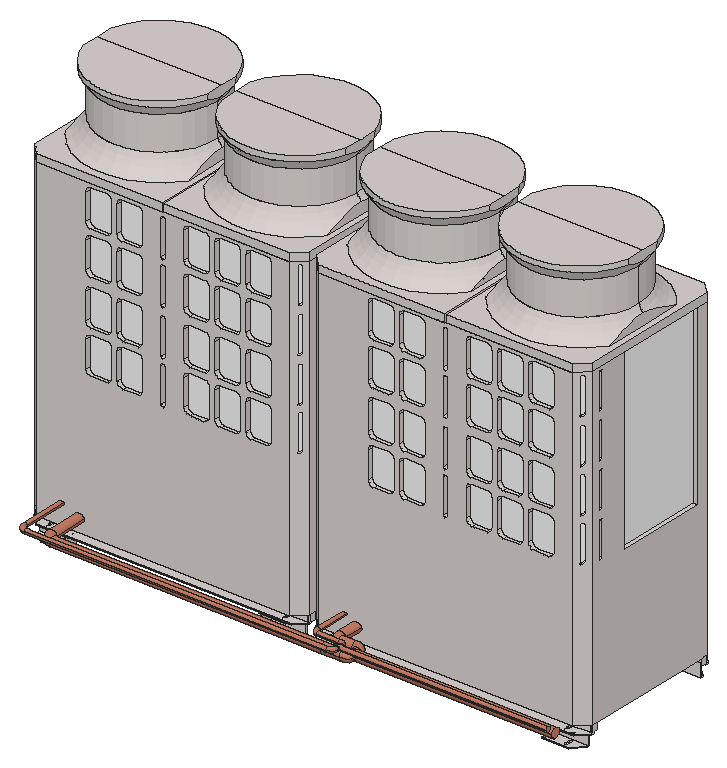
Revit family "PUHY-EP900YSNW-A", category Mechanical Equipment, Revit 2012 (continued)
Definition of nested family "PUHY-EP450YNW-A"
  Dimensions and locks
    cut or joined group 1 (Extrusion 1, Extrusion 2, Extrusion 3, Extrusion 4, Extrusion 5, Extrusion 6, Extrusion 7, Extrusion 8, Extrusion 9, Extrusion 10, Extrusion 11, Extrusion 12, Extrusion 13, Extrusion 14, Extrusion 15, Extrusion 16, Extrusion 17, Extrusion 18, Extrusion 19, Extrusion 20, Extrusion 21, Extrusion 22, Extrusion 23, Extrusion 24, Extrusion 25, Extrusion 26, Extrusion 27, Extrusion 28, Extrusion 29, Extrusion 30, Extrusion 31, Extrusion 32, Extrusion 33) to plane 19 "132" = 132 mm
    cut or joined group 1 to plane 22 = 207 mm
    cut or joined group 1 to plane 23 = 256 mm
    cut or joined group 1 to plane 6 = 60 mm
    cut or joined group 1 to cut or joined group 1 = 42.154 mm
    cut or joined group 1 to cut or joined group 1 = 11.895 mm
    nested 1 to nested 3 to level = 1798 mm, 60 mm
    nested 1 to nested 1 = 303 mm
    nested 1 to nested 3 = 1495 mm
    nested 8 to nested 8 to nested 8 to nested 7 to nested 7 to nested 7 = 54 mm, 20 mm, 592 mm, 20 mm, 54 mm
    nested 3 to nested 3 = 56 mm
    plane 11 to plane 31 to plane 32 to cut or joined group 1 = 90 mm, 1060 mm, 90 mm
    curve 103 to nested 7 = 90 mm
    curve 104 to nested 7 = 125 mm
    curve 101 to nested 7 = 100 mm
    curve 11 to curve 13 to nested 7 = 84 mm, 71 mm
    cut or joined group 1 to curve 12 to curve 14 = 125 mm, 148 mm
    nested 2 to nested 7 = 1495 mm
    curve 87 to cut or joined group 1 = 152 mm
    curve 88 to cut or joined group 1 = 172 mm
    curve 89 to cut or joined group 1 = 216 mm
    cut or joined group 1 to curve 4 to curve 2 = 128 mm, 150 mm
    cut or joined group 1 to curve 1 to curve 3 = 79 mm, 94 mm
    Extrusion 32 sketch curve to nested 7 = 116 mm
    cut or joined group 1 to Extrusion 32 sketch curve = 160 mm
    cut or joined group 1 to Extrusion 33 sketch curve = 243 mm
    Extrusion 33 sketch curve to nested 7 = 116 mm
    aligned and locked: level to plane 2
    aligned and locked: Extrusion 1 to plane 4
  Nested families
    nested 1: "FAN GUARD" at (-311.5, 2, 860), type "FAN GUARD"
      with WIDTH 870 mm
    nested 2: "FAN GUARD" at (311.5, 2, 860) x (-1, 0, 0) z (0, 0, 1), type "FAN GUARD"
      with WIDTH 870 mm
    nested 3: "ATTACHMENT LEG" at (-524, -349, 0), type "ATTACHMENT LEG"
    nested 4: "ATTACHMENT LEG" at (-524, 349, 0), type "ATTACHMENT LEG"
    nested 5: "ATTACHMENT LEG" at (524, -349, 0) x (-1, 0, 0) z (0, 0, 1), type "ATTACHMENT LEG"
    nested 6: "ATTACHMENT LEG" at (524, 349, 0) x (-1, 0, 0) z (0, 0, 1), type "ATTACHMENT LEG"
    nested 7: "BASE LEG_L_" at (0, -352, 60), type "BASE LEG_L_"
      with Width 1240 mm
    nested 8: "BASE LEG_L_" at (0, 352, 60), type "BASE LEG_L_"
      with Width 1240 mm
  Connectors
    piping at (-460, -191, 176), driven by "Liquid pipe_radius"
      settings: on cut or joined group 1, index 3, connector radius 12.7 mm, flow factor 0, pipe flow 0.0 L/s, pressure drop 0.0 Pa, fitting loss kfactor 0, connector angle 0.00°, fixture units 0, engagement length 0 mm, flow configuration 0, flow direction 0, fitting loss method 0, system type 22, joint type 0, gender type 0, connector reference index -1, connector utility 0, adjustable connector no, is connector primary yes, fitting loss table "", connector description "Refrigerant service valve<Liquid pipe>"
    piping at (-377, -191, 176), driven by "Gas pipe_radius"
      settings: on cut or joined group 1, index 4, connector radius 14.29 mm, flow factor 0, pipe flow 0.0 L/s, pressure drop 0.0 Pa, fitting loss kfactor 0, connector angle 0.00°, fixture units 0, engagement length 0 mm, flow configuration 0, flow direction 0, fitting loss method 0, system type 22, joint type 0, gender type 0, connector reference index -1, connector utility 0, adjustable connector no, is connector primary no, fitting loss table "", connector description "Refrigerant service valve<Gas>"
    electrical at (0, -370, 808)
      settings: on cut or joined group 1, index 5, voltage 0 V, apparent load 0 VA, apparent load phase1 0 VA, apparent load phase2 0 VA, apparent load phase3 0 VA, power factor 1, load classification "HVAC", number of poles 1, system type 30, power factor state 1, is connector primary yes, connector utility no, sub classification motor no, connector description ""
  Definition of nested family "FAN GUARD"
    Parameters (values of type "FAN GUARD")
      WIDTH [instance] = 870 mm
    Reference planes
      plane 1 "中心(正面/背面)": y = -2
      plane 2: z = 0
      plane 3 "ファンガード基準面": z = 661
      plane 4: y = 368
      plane 5: x = 366
      plane 6: x = -375
      plane 7 "ファンガード基準上面": z = 695
      plane 8 "ファンガード上面": z = 998
      plane 9: x = -273.971
      plane 10: x = 308.5
      plane 11: x = -308.5
      plane 12: x = 0
    Forms (mm)
      Extrusion 1, solid, material "Paint_5Y 8/1"
        sketch origin (85, 0, 661) x (-1, 0, 0) y (0, -1, 0)
          loop
            line (343.5, -368) -> (393.5, -318) -> (393.5, 322) -> (343.5, 372) -> (-223.5, 372) -> (-223.5, -368) -> (343.5, -368)
        from 0 to 34
      Revolve 2, solid, material "Paint_5Y 8/1"
        sketch origin (0, -2, 0) x (1, 0, 0) y (0, 0, 1)
          loop
            line (0, 695) -> (0, 998) -> (-290, 998) -> (-290, 972.327) -> (-260, 928.372) -> (-260, 777.384)
            arc (-260, 777.384) -> (-290.651, 730.137) -> (-334.665, 695) r 175.882
            line (-334.665, 695) -> (0, 695)
          axis (0, 998) -> (0, 695)
        angle from 0 to 360
      Extrusion 3, void
        sketch origin (-840, 75, 695) x (-1, 0, 0) y (0, -1, 0)
          loop
            line (-410, -165) -> (-410, 315) -> (-561.253, 315) -> (-561.253, -165) -> (-410, -165)
        from -35 to 430.592
      Extrusion 4, void
        sketch origin (840, 75, 695) x (1, 0, 0) y (0, 1, 0)
          loop
            line (-410, 165) -> (-561.253, 165) -> (-561.253, -315) -> (-410, -315) -> (-410, 165)
        from 0 to 430.592
    Cuts and joins
      Extrusion 3, Extrusion 4 cuts Revolve 2
      Extrusion 4 cuts Extrusion 1
    Lines and regions (mm)
      model lines
        curve 1: line (-278.747, 0, 998) -> (-80, 0, 998)
        curve 2: line (80, 0, 998) -> (278.747, 0, 998)
        curve 3: circle (0, 0, 998) r 80 normal (0, 0, 1)
        curve 4: line (-278.747, -80, 998) -> (278.747, -80, 998)
        curve 5: line (-241.868, -160, 998) -> (241.868, -160, 998)
        curve 6: line (-162.788, -240, 998) -> (162.788, -240, 998)
        curve 7: line (-278.747, 80, 998) -> (278.747, 80, 998)
        curve 8: line (-241.868, 160, 998) -> (240, 160, 998)
        curve 9: line (-160, 240, 998) -> (162.788, 240, 998)
        curve 10: line (0, 290, 998) -> (0, -290, 998)
        curve 11: line (-20, 289.31, 998) -> (-20, -289.31, 998)
        curve 12: line (-40, 287.228, 998) -> (-40, -287.228, 998)
        curve 13: line (-60, 283.725, 998) -> (-60, -283.725, 998)
        curve 14: line (-80, 278.747, 998) -> (-80, -278.747, 998)
        curve 15: line (20, 289.31, 998) -> (20, -289.31, 998)
        curve 16: line (40, 287.228, 998) -> (40, -287.228, 998)
        curve 17: line (60, 283.725, 998) -> (60, -283.725, 998)
        curve 18: line (80, 278.747, 998) -> (80, -278.747, 998)
        curve 19: line (100, 272.213, 998) -> (100, -272.213, 998)
        curve 20: line (120, 264.008, 998) -> (120, -264.008, 998)
        curve 21: line (140, 253.969, 998) -> (140, -253.969, 998)
        curve 22: line (160, 241.868, 998) -> (160, -243.132, 998)
        curve 23: line (180, 227.376, 998) -> (180, -227.624, 998)
        curve 24: line (200, 210, 998) -> (200, -210, 998)
        curve 25: line (220, 188.944, 998) -> (220, -188.944, 998)
        curve 26: line (240, 160, 998) -> (240, -162.788, 998)
        curve 27: line (260, 128.452, 998) -> (260, -128.452, 998)
        curve 28: line (-100, 272.213, 998) -> (-100, -272.213, 998)
        curve 29: line (-120, 264.008, 998) -> (-120, -264.008, 998)
        curve 30: line (-140, 253.969, 998) -> (-140, -253.969, 998)
        curve 31: line (-160, 240, 998) -> (-160, -241.868, 998)
        curve 32: line (-180, 227.376, 998) -> (-180, -227.376, 998)
        curve 33: line (-200, 210, 998) -> (-200, -210, 998)
        curve 34: line (-220, 188.944, 998) -> (-220, -188.944, 998)
        curve 35: line (-240, 162.788, 998) -> (-240, -162.788, 998)
        curve 36: line (-260, 128.452, 998) -> (-260, -128.452, 998)
        curve 37: line (10, 79.373, 998) -> (10, -79.373, 998)
        curve 38: line (-10, 79.373, 998) -> (-10, -79.373, 998)
        curve 39: line (30, 74.162, 998) -> (30, -74.162, 998)
        curve 40: line (50, 62.45, 998) -> (50, -62.45, 998)
        curve 41: line (70, 38.73, 998) -> (70, -38.73, 998)
        curve 42: line (-30, 74.162, 998) -> (-30, -74.162, 998)
        curve 43: line (-50, 62.45, 998) -> (-50, -62.45, 998)
        curve 44: line (-70, 38.73, 998) -> (-70, -38.73, 998)
    Dimensions and locks
      locked: plane 8 "ファンガード上面" to plane 7 "ファンガード基準上面" at 303
      plane 8 "ファンガード上面" to plane 3 "ファンガード基準面" = 337 mm
      Revolve 2 sketch curve to Revolve 2 sketch curve = 290 mm
      Extrusion 1 sketch curve to Extrusion 1 sketch curve = 740 mm
      equal spacing: Extrusion 1 sketch curve, plane 1 "中心(正面/背面)", Extrusion 1 sketch curve
      plane 6 to plane 5 = 741 mm
      Extrusion 1 sketch curve to Extrusion 1 sketch curve = 617 mm
      plane 11 to plane 10 = 617 mm
      cut or joined group of Extrusion 1, Extrusion 4 to cut or joined group of Extrusion 1, Extrusion 4 = 617 mm
      cut or joined group of Extrusion 1, Extrusion 4 to cut or joined group of Extrusion 1, Extrusion 4 = 740 mm
      aligned and locked: level to plane 2
      aligned and locked: plane 7 "ファンガード基準上面" to Extrusion 1
      aligned and locked: plane 3 "ファンガード基準面" to Extrusion 1
      aligned and locked: cut or joined group of Revolve 2, Extrusion 3, Extrusion 4 to plane 8 "ファンガード上面"
  Definition of nested family "ATTACHMENT LEG"
    Parameters (values of type "ATTACHMENT LEG")
      Width = 145 mm
    Reference planes
      plane 1: z = 0
      plane 2 "中心(左/右)": x = -6
      plane 3: x = -52
      plane 4: x = 85
      plane 5: x = 93
      plane 6: y = -21
      plane 7: y = 27
      plane 8: x = -30
      plane 9: y = 39
      plane 10: z = 60
      plane 11: z = 57
      plane 12: z = 3
      plane 13: x = 82
      plane 14: y = 36
      plane 15: x = -75
      plane 16: y = 31
      plane 17 "幅": x = 93
      plane 18: y = 2.5
      plane 19: y = 21
      plane 20: y = -10
    Forms (mm)
      Extrusion 1, solid, material "Paint_5Y 8/1"
        sketch origin (0, -1, 0) x (1, 0, 0) y (0, 1, 0)
          loop
            line (-75, 36) -> (-75, 27) -> (-28, -20) -> (93, -20) -> (93, 32) -> (85, 32) -> (85, 36) -> (-75, 36)
        from 0 to 60
      Extrusion 2, void
        sketch origin (0, -3, 0) x (1, 0, 0) y (0, 0, 1)
          loop
            line (-75, 57) -> (-75, 3) -> (82, 3) -> (82, 57) -> (-75, 57)
          loop
            line (93, 57) -> (85, 57) -> (85, 3) -> (93, 3) -> (93, 57)
        from -35 to 18
      Extrusion 3, void
        sketch origin (-6, 5.5, 0) x (1, 0, 0) y (0, 1, 0)
          loop
            arc (-7, -8.5) -> (0, -15.5) -> (7, -8.5) r 7
            line (7, -8.5) -> (7, 8.5)
            arc (7, 8.5) -> (0, 15.5) -> (-7, 8.5) r 7
            line (-7, 8.5) -> (-7, -8.5)
        from 0 to 60
    Cuts and joins
      Extrusion 2, Extrusion 3 cuts Extrusion 1
    Dimensions and locks
      locked: plane 3 to plane 4 at 137
      locked: plane 3 to plane 5 at 145
      plane 6 to plane 7 = 48 mm
      locked: plane 10 to level at 60
      Extrusion 3 sketch curve to plane 2 "中心(左/右)" = 7 mm
      locked: plane 15 to plane 2 "中心(左/右)" at 69
      locked: plane 15 to plane 8 at 45
      locked: plane 6 to plane 18 at 23.5
      cut or joined group of Extrusion 1, Extrusion 2, Extrusion 3 to cut or joined group of Extrusion 1, Extrusion 2, Extrusion 3 = 168 mm
      cut or joined group of Extrusion 1, Extrusion 2, Extrusion 3 to cut or joined group of Extrusion 1, Extrusion 2, Extrusion 3 = 56 mm  (x2)
      plane 14 to plane 6 = 57 mm
      aligned and locked: level to plane 1
      aligned and locked: Extrusion 1 sketch curve to plane 4
      aligned and locked: Extrusion 1 sketch curve to plane 5
      aligned: plane 8 to Extrusion 1 sketch curve
      aligned and locked: plane 10 to Extrusion 1
      aligned and locked: Extrusion 2 sketch curve to plane 11
      aligned: plane 3 to Extrusion 2 sketch curve
      aligned and locked: plane 12 to Extrusion 2 sketch curve
      aligned and locked: Extrusion 2 sketch curve to plane 13
      aligned and locked: plane 6 to Extrusion 2
      aligned and locked: plane 11 to Extrusion 2 sketch curve
      aligned and locked: plane 5 to Extrusion 2 sketch curve
      aligned and locked: Extrusion 2 sketch curve to plane 12
      aligned and locked: Extrusion 2 sketch curve to plane 4
      aligned and locked: plane 15 to Extrusion 1 sketch curve
      aligned and locked: Extrusion 2 sketch curve to cut or joined group of Extrusion 1, Extrusion 2, Extrusion 3
      aligned and locked: Extrusion 1 to plane 16
  Definition of nested family "BASE LEG_L_"
    Parameters (values of type "BASE LEG_L_")
      Width [instance] = 1240 mm
    Reference planes
      plane 1 "中心(正面/背面)": y = 0
      plane 2: z = 0
      plane 3 "中心(左/右)": x = 0
      plane 4: x = 620
      plane 5: x = -620
      plane 6: x = -530
      plane 7: x = 530
      plane 8: y = -18
      plane 9: y = 39
      plane 10: z = 53
      plane 11: y = 42
      plane 12: y = 27
      plane 13: x = 575
      plane 14: x = -575
      plane 15: z = 8
      plane 16: y = 11.5
      plane 17: z = 35
    Forms (mm)
      Extrusion 1, solid, material "Paint_5Y 8/1"
        sketch origin (0, 0, 0) x (0, 1, 0) y (0, 0, 1)
          loop
            line (-18, 0) -> (36, 0) -> (36, 32) -> (56, 32) -> (56, 35) -> (33, 35) -> (33, 3) -> (-18, 3) -> (-18, 0)
        from -620 to 620
      Extrusion 2, void
        sketch origin (0, 0, 0) x (1, 0, 0) y (0, 1, 0)
          loop
            line (575, -18) -> (620, -18) -> (620, 27) -> (575, -18)
          loop
            line (-575, -18) -> (-620, 27) -> (-620, -18) -> (-575, -18)
        from 0 to 250
      Extrusion 3, void
        sketch origin (0, 12.023, 0) x (1, 0, 0) y (0, 1, 0)
          loop
            arc (523, -2.971) -> (530, -9.971) -> (537, -2.971) r 7
            line (537, -2.971) -> (537, 3.023)
            arc (537, 3.023) -> (530, 10.023) -> (523, 3.023) r 7
            line (523, 3.023) -> (523, -2.971)
          loop
            line (-523, -2.971) -> (-523, 3.023)
            arc (-523, 3.023) -> (-530, 10.023) -> (-537, 3.023) r 7
            line (-537, 3.023) -> (-537, -2.971)
            arc (-537, -2.971) -> (-530, -9.971) -> (-523, -2.971) r 7
        from 0 to 250
      Extrusion 4, solid, material "Paint_5Y 8/1"
        sketch origin (0, 0, -3) x (1, 0, 0) y (0, 0, 1)
          loop
            line (617, 8) -> (620, 8) -> (620, 35) -> (617, 35) -> (617, 8)
          loop
            line (-617, 8) -> (-617, 35) -> (-620, 35) -> (-620, 8) -> (-617, 8)
        from -36 to -56
      Extrusion 5, solid, material "Paint_5Y 8/1"
        sketch origin (150, 352, 0) x (1, 0, 0) y (0, 1, 0)
          loop
            line (460, -319) -> (455, -319) -> (455, -320) -> (405, -370) -> (410, -370) -> (460, -320) -> (460, -319)
        from 3 to 35
      Extrusion 6, void
        sketch origin (560, -18, 0) x (0.707107, 0.707107, 0) y (0, 0, 1)
          loop
            line (70.711, 3) -> (-6.741, 39.767) -> (-6.741, 3) -> (70.711, 3)
        from -190.256 to 23.776
      Extrusion 7, solid, material "Paint_5Y 8/1"
        sketch origin (-150, 352, 0) x (-1, 0, 0) y (0, -1, 0)
          loop
            line (460, 319) -> (460, 320) -> (410, 370) -> (405, 370) -> (455, 320) -> (455, 319) -> (460, 319)
        from 3 to 35
      Extrusion 8, void
        sketch origin (-560, -18, 0) x (0.707107, -0.707107, 0) y (0, 0, -1)
          loop
            line (-70.711, -3) -> (0, -35) -> (6.741, -35) -> (6.741, -3) -> (-70.711, -3)
        from -190.256 to 23.776
    Cuts and joins
      Extrusion 2, Extrusion 3 cuts Extrusion 1
      joined: Extrusion 1, Extrusion 4
      Extrusion 8 cuts Extrusion 7
      Extrusion 6 cuts Extrusion 5
    Dimensions and locks
      "Width": plane 5 to plane 4
      equal spacing: plane 5, plane 3 "中心(左/右)", plane 4
      locked: plane 5 to plane 6 at 90
      locked: plane 7 to plane 4 at 90
      locked: plane 8 to plane 9 at 57
      locked: plane 10 to level at 53
      locked: plane 9 to plane 11 at 3
      plane 8 to plane 12 = 45 mm
      locked: plane 13 to plane 4 at 45
      locked: plane 5 to plane 14 at 45
      equal spacing: Extrusion 3 sketch curve, plane 7, Extrusion 3 sketch curve
      equal spacing: Extrusion 3 sketch curve, plane 6, Extrusion 3 sketch curve
      locked: plane 10 to plane 15 at 45
      locked: cut or joined group of Extrusion 1, Extrusion 2, Extrusion 3, Extrusion 4 to Extrusion 4 sketch curve at 3  (x2)
      locked: plane 8 to plane 16 at 29.5
      plane 8 to plane 11 = 60 mm
      cut or joined group of Extrusion 1, Extrusion 2, Extrusion 3, Extrusion 4 to cut or joined group of Extrusion 1, Extrusion 2, Extrusion 3, Extrusion 4 = 35 mm
      aligned and locked: level to plane 2
      aligned and locked: plane 8 to Extrusion 1 sketch curve
      aligned and locked: plane 4 to Extrusion 1
      aligned and locked: Extrusion 1 to plane 5
      aligned and locked: Extrusion 2 sketch curve to plane 4
      aligned and locked: Extrusion 2 sketch curve to plane 8
      aligned and locked: plane 12 to Extrusion 2 sketch curve
      aligned and locked: plane 13 to Extrusion 2 sketch curve
      aligned and locked: plane 4 to Extrusion 4 sketch curve
      aligned and locked: plane 5 to Extrusion 4 sketch curve
      aligned and locked: cut or joined group of Extrusion 7, Extrusion 8 to cut or joined group of Extrusion 1, Extrusion 2, Extrusion 3, Extrusion 4
    Automatic sketch dimensions
      Extrusion 3 sketch curve to plane 1 "中心(正面/背面)" = 9.052 mm  (x2)
      Extrusion 3 sketch curve to plane 7 = 7 mm
      Extrusion 3 sketch curve to plane 1 "中心(正面/背面)" = 15.046 mm  (x2)
      Extrusion 3 sketch curve to plane 6 = 7 mm
      Extrusion 2 sketch curve to plane 5 = 0 mm
      plane 8 to Extrusion 2 sketch curve = 0 mm
      Extrusion 2 sketch curve to plane 14 = 0 mm
      plane 12 to Extrusion 2 sketch curve = 0 mm
      Extrusion 4 sketch curve to plane 10 = 21 mm
      plane 7 to Extrusion 5 sketch curve = 25 mm
      Extrusion 5 sketch curve to Extrusion 5 sketch curve = 5 mm  (x2)
      plane 7 to Extrusion 5 sketch curve = 75 mm
      plane 8 to Extrusion 5 sketch curve = 0 mm
      Extrusion 5 sketch curve to Extrusion 5 sketch curve = 50 mm
      Extrusion 5 sketch curve to Extrusion 5 sketch curve = 0 mm
      Extrusion 5 sketch curve to Extrusion 5 sketch curve = 1 mm
      Extrusion 6 sketch curve to Extrusion 5 = 0 mm  (x2)
      Extrusion 6 sketch curve to Extrusion 5 = 6.741 mm
      Extrusion 6 sketch curve to Extrusion 5 = 4.767 mm
      plane 6 to Extrusion 7 sketch curve = 25 mm
      Extrusion 7 sketch curve to Extrusion 7 sketch curve = 5 mm  (x2)
      Extrusion 7 sketch curve to Extrusion 7 sketch curve = 45 mm
      Extrusion 7 sketch curve to plane 8 = 0 mm
      Extrusion 7 sketch curve to Extrusion 7 sketch curve = 50 mm
      Extrusion 7 sketch curve to Extrusion 7 sketch curve = 0 mm
      Extrusion 7 sketch curve to Extrusion 7 sketch curve = 1 mm
      Extrusion 8 sketch curve to Extrusion 7 = 0 mm  (x2)
      Extrusion 7 to Extrusion 8 sketch curve = 0 mm  (x2)
      Extrusion 7 to Extrusion 8 sketch curve = 6.741 mm
      Extrusion 4 sketch curve to plane 17 = 3 mm
      Extrusion 4 sketch curve to plane 15 = 3 mm  (x2)
      Extrusion 1 sketch curve to plane 17 = 0 mm
      Extrusion 1 sketch curve to level = 0 mm
      level to Extrusion 1 sketch curve = 3 mm
      plane 9 to Extrusion 1 sketch curve = 6 mm
      plane 9 to Extrusion 1 sketch curve = 3 mm
      Extrusion 1 sketch curve to plane 17 = 3 mm
      Extrusion 1 sketch curve to plane 11 = 14 mm
Types (6, lengths in mm): name | Voltage | Hertz | Heating Current (A) | Cooling Current (A)
  PUHY-EP900YSNW-A_380V_50Hz | 380 V | 50 Hz | 45.6 | 38.9
  PUHY-EP900YSNW-A_380V_60Hz | 380 V | 60 Hz | 45.6 | 38.9
  PUHY-EP900YSNW-A_400V_50Hz | 400 V | 50 Hz | 43.4 | 37
  PUHY-EP900YSNW-A_400V_60Hz | 400 V | 60 Hz | 43.4 | 37
  PUHY-EP900YSNW-A_415V_50Hz | 415 V | 50 Hz | 41.8 | 35.7
  PUHY-EP900YSNW-A_415V_60Hz | 415 V | 60 Hz | 41.8 | 35.7
